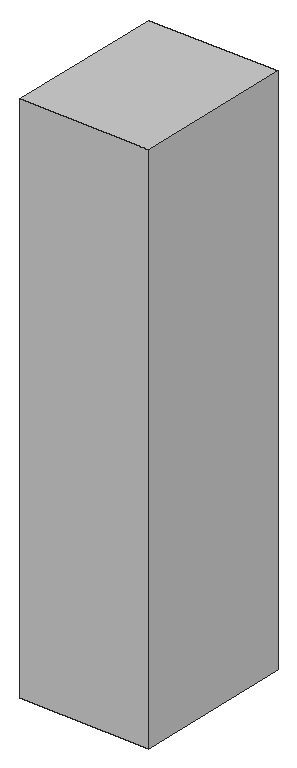
Revit family "Pilar Retangular", category Structural Columns, Revit 2025
Family settings
  Display in Hidden Views = Edges Hidden by Other Members
  Section Shape = Not Defined
  Material for Model Behavior = Concrete
  Always export as geometry = No
  Beam cutback in plan = From bounding box
  OmniClass Number = 23.25.30.11.14.11
  OmniClass Title = Columns
  Cut with Voids When Loaded = No
  Symbolic Representation = From Family
  Shared = No
  Show family pre-cut in plan views = Yes
Parameters (values of type "60x75")
  b = 0.6 m
  h = 0.75 m
  Structural Material [instance] = Concrete, Cast-in-Place gray
Reference planes (m)
  plane 1 "Center (Front/Back)": y = 0
  plane 2: z = 0
  plane 3 "Center (Left/Right)": x = 0
  plane 4: x = -0.3
  plane 5: x = 0.3
  plane 6: y = 0.375
  plane 7: y = -0.375
Forms (m)
  Extrusion 1, solid, material "Concrete, Cast-in-Place gray" <- "Structural Material"
    sketch origin (0, 0, 0) x (1, 0, 0) y (0, 1, 0)
      loop
        line (-0.3, 0.375) -> (-0.3, -0.375) -> (0.3, -0.375) -> (0.3, 0.375) -> (-0.3, 0.375)
    from 0 to 2.5
Dimensions and locks (m)
  equal spacing: plane 4, plane 3 "Center (Left/Right)", plane 5
  equal spacing: plane 7, plane 1 "Center (Front/Back)", plane 6
  "h": plane 7 to plane 6
  "b": plane 4 to plane 5
  aligned and locked: Extrusion 1 sketch curve to plane 6
  aligned and locked: Extrusion 1 sketch curve to plane 7
  aligned and locked: Extrusion 1 sketch curve to plane 4
  aligned and locked: Extrusion 1 sketch curve to plane 5
  aligned and locked: level to Extrusion 1
  aligned and locked: level to plane 2
  aligned and locked: Extrusion 1 to plane 2
